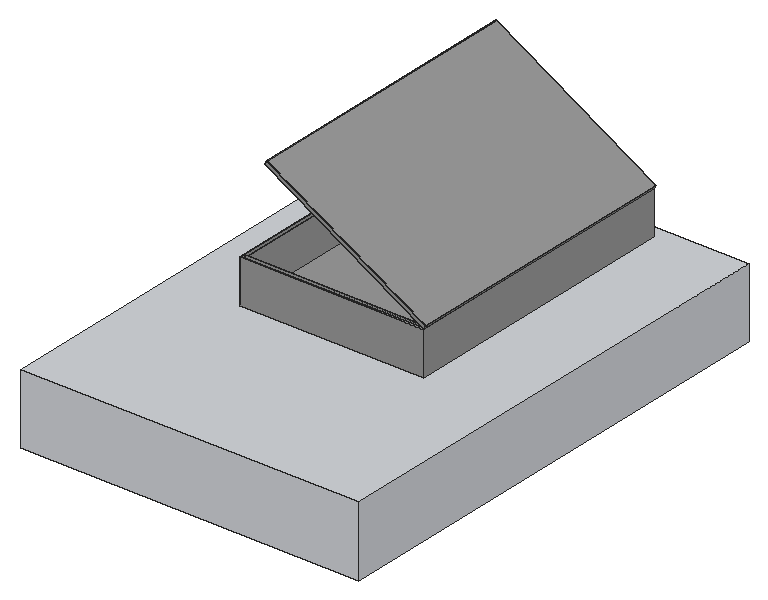
Revit family "Hager-Univers-IP44-D205-H1250-Cl.II-Encl-PL-pl", category Equipement électrique, Revit 2020
Family settings
  Hôte = Face
  Configuration du panneau = Deux colonnes, circuits au sein
  Cote de connecteur circulaire = Utiliser le diamètre
  Type d'élément = Tableau de raccordement
  Couper avec des vides une fois chargée = Non
  Partagée = Non
  Point de calcul de pièce = Non
Parameters (values of type "Montaż natynkowy IP44 S800 W1250 G205  - FP83SN2")
  Width Control [instance] = if([EF000008 - Szerokość] > Min Width, [EF000008 - Szerokość], Min Width)  # 800 mm
  Commentaires du type = [HG000003 - Zakres]  # "Univers"
  Thickness Door [instance] = if([EF009171 - Drzwi/pokrywa z materiału o wysokiej wytrzymałości mechanicznej] > 3 mm, 3 mm, [EF009171 - Drzwi/pokrywa z materiału o wysokiej wytrzymałości mechanicznej])  # 1 mm
  Seal Frame Offset [instance] = 17 mm  # constant formula
  Plinth Visibility [instance] = [HG000027 - Wysokość cokołu] > 0 mm  # no
  Model = ""
  Min Width [instance] = 100 mm  # constant formula
  Min Height [instance] = 100 mm  # constant formula
  Min Depth [instance] = (2 * [EF009170 - Obudowa z materiału o wysokiej wytrzymałości mechanicznej]) + 1 mm  # 3 mm
  Internal Frame Depth [instance] = (Door System Depth * 0.5)  # 9 mm
  Height Control [instance] = if([EF000040 - Wysokość] > Min Height, [EF000040 - Wysokość], Min Height)  # 1250 mm
  HG000027 - Wysokość cokołu = 0 mm
  HG000026 - Stojąca = no
  HG000024 - Wysokość części dolnej = 800 mm
  HG000023 - Obudowa dwusekcyjna = no
  HG000016 - Widoczność drzwi w widoku 3D [instance] = yes
  HG000015 - Przestrzeń robocza - otwarcie drzwi [instance] = no
  HG000014 - Drzwi prawe [instance] = yes
  HG000013 - Drzwi lewe [instance] = not([HG000014 - Drzwi prawe])  # no
  HG000012 - Kąt otwarcia drzwi [instance] = 30.00°
  HG000010 - Drzwi asymetryczne = no
  HG000009 - Drzwi dwuskrzydłowe = no
  HG000006 - Montaż podtynkowy = no
  HG000004 - Referencja producenta = "FP83SN2"
  HG000003 - Zakres = "Univers"
  HG000002 - Z drzwiami lub pokrywą = yes
  Frame Offset Bottom [instance] = 10 mm  # constant formula
  Frame Offset [instance] = 15 mm  # constant formula
  EF015940 - Pokrywa z wyzwalaczem nadciśnieniowym = no
  EF011959 - Stopień ochrony (NEMA) = ""
  EF009554 - Liczba otworów pod flansze = 6
  Fabricant = "Hager"  # constant formula
  EF009212 - Wykonanie pokrywy = "EV000116 - Zamknięty"
  EF009171 - Drzwi/pokrywa z materiału o wysokiej wytrzymałości mechanicznej = 1 mm
  EF009170 - Obudowa z materiału o wysokiej wytrzymałości mechanicznej = 1 mm
  EF008873 - Prąd znamionowy (In) = 250 A
  EF007800 - Do ochrony odgromowej = no
  EF006306 - Z zamkiem = no
  EF006244 - Transparentna pokrywa/drzwi = no
  EF005474 - Stopień ochrony (IP) = "EV006418 - IP44"
  EF004464 - Rodzaj drzwi = "EV002646 - Pojedynczy"
  EF004427 - Liczba modułów = 288
  EF004293 - Odporność udarowa = "EV006815 - IK09"
  EF003532 - Do zastosowań zewnętrznych = no
  EF002950 - Szerokość wyrażona liczbą modułów = 36
  EF001613 - Podtrzymanie funkcji = "EV000494 - Brak"
  EF001596 - Materiał obudowy = "EV000179 - Stal"
  EF001131 - Głębokość wewnętrzna = 130 mm
  EF001088 - Możliwość rozbudowy = yes
  EF000437 - Liczba wejść kablowych = 6
  EF000339 - Rodzaj pokrywy = "EV004216 - Drzwi"
  EF000266 - Liczba rzędów = 8
  EF000218 - Głębokość wbudowania = 205 mm
  EF000118 - Z płytą montażową = no
  EF000116 - Numer RAL = "9010"
  EF000049 - Głębokość = 205 mm
  EF000040 - Wysokość = 1250 mm
  EF000008 - Szerokość = 800 mm
  EF000007 - Kolor = "EV000202 - Biały"
  EF000003 - Sposób montażu = "EV000384 - Montaż natynkowy"
  Door System Leaf Tolerance [instance] = 1.5 mm  # constant formula
  Door System Depth [instance] = 18 mm  # constant formula
  Door Height [instance] = Height Control - [HG000027 - Wysokość cokołu]  # 1250 mm
  Depth Control [instance] = if([EF000049 - Głębokość] > Min Depth, [EF000049 - Głębokość], Min Depth)  # 205 mm
  Default Elevation = 0 mm
  Connector Offset [instance] = Height Control / 2  # 625 mm
  Bottom Top Plate Trim [instance] = 1.5 mm  # constant formula
  Plinth height Ctrl [instance] = if([HG000027 - Wysokość cokołu] > 0 mm, [HG000027 - Wysokość cokołu], 12 mm)  # 12 mm
Types (5, lengths in mm): name | Width Control | HG000010 - Drzwi asymetryczne | HG000009 - Drzwi dwuskrzydłowe | HG000004 - Referencja producenta | EF009554 - Liczba otworów pod flansze | EF004464 - Rodzaj drzwi | EF004427 - Liczba modułów | EF002950 - Szerokość wyrażona liczbą modułów | EF001131 - Głębokość wewnętrzna | EF000437 - Liczba wejść kablowych | EF000339 - Rodzaj pokrywy | EF000008 - Szerokość
  Montaż natynkowy IP44 S1050 W1250 G205  - FP84SN2 | 1050 | no | yes | "FP84SN2" | 8 | "EV003602 - Podwójny" | 384 | 48 | 130 | 8 | "EV004216 - Drzwi" | 1050
  Montaż natynkowy IP44 S1300 W1250 G205  - FP85SN2 | 1300 | yes | yes | "FP85SN2" | 10 | "EV003602 - Podwójny" | 480 | 60 | 130 | 10 | "EV004216 - Drzwi" | 1300
  Montaż natynkowy IP44 S300 W1250 G205  - FP81SN2 | 300 | no | no | "FP81SN2" | 2 | "EV002646 - Pojedynczy" | 96 | 12 | 143 | 2 | "EV001012 - Pokrywa" | 300
  Montaż natynkowy IP44 S550 W1250 G205  - FP82SN2 | 550 | no | no | "FP82SN2" | 4 | "EV002646 - Pojedynczy" | 192 | 24 | 143 | 4 | "EV001012 - Pokrywa" | 550
  Montaż natynkowy IP44 S800 W1250 G205  - FP83SN2 | 800 | no | no | "FP83SN2" | 6 | "EV002646 - Pojedynczy" | 288 | 36 | 130 | 6 | "EV004216 - Drzwi" | 800
Reference planes
  plane 1 "Center (Front/Back)": y = 0
  plane 2: z = 0
  plane 3 "Center (Left/Right)": x = 0
  plane 4: z = 205
  plane 5: y = 1
  plane 6: y = 625
  plane 7: y = 0
  plane 8: y = 1250
  plane 9: z = 0
  plane 10: x = -385
  plane 11: x = 385
  plane 12: x = 384
  plane 13: x = -384
  plane 14: y = 1249
  plane 15: x = -383
  plane 16: x = -400
  plane 17: x = 383
  plane 18: x = 400
  plane 19: x = 399
  plane 20: x = -399
  plane 21: y = 11
  plane 22: y = 1250
  plane 23: y = 1234
  plane 24: z = 187
  plane 25: z = 1
  plane 26: z = 186
  plane 27: z = 204
Forms (mm)
  Extrusion 1, solid
    sketch origin (0, 0, 0) x (1, 0, 0) y (0, 1, 0)
      loop
        line (-702.964, 1305) -> (-702.964, -811.445) -> (766.763, -811.445) -> (766.763, 1305) -> (-702.964, 1305)
    from 0 to -304.8
  Extrusion 2, solid, material "Hager_Steel_RAL7035_Light_Grey", visible <- "Plinth Visibility", detail levels medium+fine
    sketch origin (0, 0, 0) x (1, 0, 0) y (0, 1, 0)
      loop
        line (-400, 0) -> (400, 0) -> (400, 12) -> (-400, 12) -> (-400, 0)
    from 0 to 187
  Extrusion 3, solid, material "Hager_Steel_RAL7035_Light_Grey", detail levels medium+fine
    sketch origin (0, 0, 0) x (1, 0, 0) y (0, 1, 0)
      loop
        line (-400, 0) -> (400, 0) -> (400, 1250) -> (-400, 1250) -> (-400, 0)
    from 0 to 187
  Extrusion 4, void
    sketch origin (0, 0, 0) x (1, 0, 0) y (0, 1, 0)
      loop
        line (-399, 1) -> (399, 1) -> (399, 1249) -> (-399, 1249) -> (-399, 1)
    from 1 to 186
  Extrusion 5, void
    sketch origin (-381.607, -4572, 187) x (0, -1, 0) y (-1, 0, 0)
      loop
        line (-4583, 2.393) -> (-5806, 2.393) -> (-5806, -765.607) -> (-4583, -765.607) -> (-4583, 2.393)
    from 0 to 1 <- "EF009170 - Obudowa z materiału o wysokiej wytrzymałości mechanicznej"
  Extrusion 6, solid, material "Hager_Steel_RAL7035_Light_Grey", detail levels fine
    sketch origin (0, 0, 187) x (1, 0, 0) y (0, 1, 0)
      loop
        line (-384, 1234) -> (-384, 11) -> (384, 11) -> (384, 1234) -> (-384, 1234)
      loop
        line (-385, 10) -> (385, 10) -> (385, 1235) -> (-385, 1235) -> (-385, 10)
    from 0 to 9 <- "Internal Frame Depth"
  Extrusion 7, solid, material "Hager_Steel_RAL7035_Light_Grey", detail levels coarse
    sketch origin (0, 0, 0) x (1, 0, 0) y (0, 1, 0)
      loop
        line (-400, 0) -> (400, 0) -> (400, 1250) -> (-400, 1250) -> (-400, 0)
    from 0 to 205
  Sweep 8, void
    path in 3D
      loop
        line (-400, 12, 0) -> (400, 12, 0) -> (400, 12, 187) -> (-400, 12, 187) -> (-400, 12, 0)
    profile origin (-400, 12, 93.5) x (-1, 0, 0) y (0, -1, 0)
      loop
        line (0, 0) -> (0, 1.5) -> (-1.5, 1.5)
        arc (-1.5, 1.5) -> (-1.061, 0.439) -> (0, 0) r 1.5
Cuts and joins
  Extrusion 4, Extrusion 5 cuts Extrusion 3
  Sweep 8 cuts Extrusion 2
Lines and regions (mm)
  Masking region 1
    outline origin (0, 0, 0) x (1, 0, 0) y (0, 0, 1)
      loop
        line (-400, 205) -> (-400, 0) -> (400, 0) -> (400, 205) -> (-400, 205)
  Masking region 2, detail levels medium+fine
    outline origin (0, 140, 0) x (0, 1, 0) y (0, 0, 1)
      loop
        line (-140, 0) -> (1110, 0) -> (1110, 187) -> (-140, 187) -> (-140, 0)
  Masking region 3, not visible, detail levels medium+fine
    outline origin (0, 297.922, 0) x (0, 1, 0) y (0, 0, 1)
      loop
        line (338.578, 0) -> (378.578, 0) -> (378.578, 194)
        arc (378.578, 194) -> (375.649, 201.071) -> (368.578, 204) r 10
        line (368.578, 204) -> (338.578, 204) -> (338.578, 0)
  Masking region 4, detail levels coarse
    outline origin (0, 0, 180) x (0, 1, 0) y (0, 0, 1)
      loop
        line (0, -180) -> (1250, -180) -> (1250, 25) -> (0, 25) -> (0, -180)
  Masking region 5, visible <- "Plinth Visibility", detail levels medium+fine
    outline origin (0, 52.24, 12.345) x (0, 0, -1) y (0, 1, 0)
      loop
        line (10.845, -40.24) -> (-173.155, -40.24)
        arc (-173.155, -40.24) -> (-173.594, -41.301) -> (-174.655, -41.74) r 1.5
        line (-174.655, -41.74) -> (-174.655, -52.24) -> (12.345, -52.24) -> (12.345, -41.74)
        arc (12.345, -41.74) -> (11.285, -41.301) -> (10.845, -40.24) r 1.5
  Masking region 6, detail levels medium+fine
    outline origin (-381.607, -4572, 187) x (-1, 0, 0) y (0, -1, 0)
      loop
        line (18.393, -5822) -> (18.393, -4572) -> (-781.607, -4572) -> (-781.607, -5822) -> (18.393, -5822)
  Masking region 7, visible <- "Plinth Visibility", detail levels medium+fine
    outline origin (-381.607, -4727, 187) x (-1, 0, 0) y (0, -1, 0)
      loop
        arc (16.893, -4739) -> (17.332, -4737.939) -> (18.393, -4737.5) r 1.5
        line (18.393, -4737.5) -> (18.393, -4727) -> (-781.607, -4727) -> (-781.607, -4737.5)
        arc (-781.607, -4737.5) -> (-780.546, -4737.939) -> (-780.107, -4739) r 1.5
        line (-780.107, -4739) -> (16.893, -4739)
  Masking region 8, detail levels coarse
    outline origin (-442.548, -4669.526, 187) x (-1, 0, 0) y (0, -1, 0)
      loop
        line (-42.548, -5919.526) -> (-42.548, -4669.526) -> (-842.548, -4669.526) -> (-842.548, -5919.526) -> (-42.548, -5919.526)
  sketch lines
    curve 1: line (-400, 12, 187) -> (-400, 12, 0)
    curve 2: line (400, 12, 187) -> (-400, 12, 187)
    curve 3: line (400, 12, 187) -> (400, 12, 0)
    curve 4: line (-400, 12, 0) -> (400, 12, 0)
Dimensions and locks
  "Depth Control": plane 4 to Extrusion 1
  "HG000027 - Wysokość cokołu": plane 1 "Center (Front/Back)" to plane 7
  "EF009170 - Obudowa z materiału o wysokiej wytrzymałości mechanicznej": plane 5 to plane 7
  locked: connector elem to plane 3 "Center (Left/Right)"
  equal spacing: plane 8, plane 6, plane 7
  locked: connector elem to plane 6
  "EF009170 - Obudowa z materiału o wysokiej wytrzymałości mechanicznej": plane 8 to plane 14
  "EF009170 - Obudowa z materiału o wysokiej wytrzymałości mechanicznej": plane 10 to plane 13
  "EF009170 - Obudowa z materiału o wysokiej wytrzymałości mechanicznej": plane 12 to plane 11
  "Frame Offset": plane 20 to plane 13
  "Frame Offset": plane 12 to plane 19
  "EF009170 - Obudowa z materiału o wysokiej wytrzymałości mechanicznej": plane 16 to plane 20
  "EF009170 - Obudowa z materiału o wysokiej wytrzymałości mechanicznej": plane 19 to plane 18
  "Seal Frame Offset": plane 16 to plane 15
  "Seal Frame Offset": plane 17 to plane 18
  "Frame Offset Bottom": plane 21 to plane 5
  "Frame Offset": plane 14 to plane 23
  equal spacing: plane 16, plane 3 "Center (Left/Right)", plane 18
  "Width Control": plane 16 to plane 18
  "EF009170 - Obudowa z materiału o wysokiej wytrzymałości mechanicznej": plane 4 to plane 27
  "EF009170 - Obudowa z materiału o wysokiej wytrzymałości mechanicznej": plane 24 to plane 26
  "EF009170 - Obudowa z materiału o wysokiej wytrzymałości mechanicznej": plane 25 to level
  "Door System Depth": plane 4 to plane 24
  "Height Control": plane 1 "Center (Front/Back)" to Extrusion 7 sketch curve
  "Height Control": Masking region 4 sketch curve to plane 1 "Center (Front/Back)"
  "Height Control": plane 1 "Center (Front/Back)" to plane 22
  "Bottom Top Plate Trim": profile plane to Sweep 8 sketch curve
  "Bottom Top Plate Trim": Sweep 8 sketch curve to profile plane
  "Plinth height Ctrl": plane 1 "Center (Front/Back)" to Extrusion 2 sketch curve
  "Plinth height Ctrl": Masking region 5 sketch curve to plane 1 "Center (Front/Back)"
  "Plinth height Ctrl": plane 1 "Center (Front/Back)" to Masking region 7 sketch curve
  "Thickness Door": Extrusion 6 sketch curve to Extrusion 6 sketch curve  (x3)
  "Thickness Door": cut or joined group of Extrusion 3, Extrusion 4, Extrusion 5 to Extrusion 6 sketch curve
  radius of Masking region 3 sketch curve = 10 mm
  "Bottom Top Plate Trim": radius of Masking region 5 sketch curve  (x2)
  "Bottom Top Plate Trim": radius of Sweep 8 sketch curve
  "Bottom Top Plate Trim": radius of Masking region 7 sketch curve  (x2)
  aligned and locked: plane 2 to Extrusion 1
  aligned and locked: level to Extrusion 1
  aligned and locked: level to Masking region 1 sketch curve
  aligned and locked: Masking region 1 sketch curve to plane 18
  aligned and locked: Masking region 1 sketch curve to plane 16
  aligned and locked: plane 7 to Masking region 2 sketch curve
  aligned and locked: level to Masking region 3 sketch curve
  aligned and locked: Masking region 3 sketch curve to plane 27
  aligned and locked: level to Masking region 2 sketch curve
  aligned and locked: plane 1 "Center (Front/Back)" to Extrusion 2 sketch curve
  aligned and locked: Extrusion 3 sketch curve to plane 7
  aligned and locked: plane 16 to Extrusion 3 sketch curve
  aligned and locked: plane 18 to Extrusion 3 sketch curve
  aligned and locked: plane 20 to Extrusion 4 sketch curve
  aligned and locked: plane 19 to Extrusion 4 sketch curve
  aligned and locked: Extrusion 4 sketch curve to plane 5
  aligned and locked: Extrusion 4 to plane 25
  aligned and locked: plane 26 to Extrusion 4
  aligned and locked: plane 24 to Extrusion 3
  aligned and locked: Extrusion 5 sketch curve to plane 21
  aligned and locked: Extrusion 5 sketch curve to plane 13
  aligned and locked: Extrusion 5 sketch curve to plane 12
  aligned and locked: plane 18 to Extrusion 7 sketch curve
  aligned and locked: plane 1 "Center (Front/Back)" to Extrusion 7 sketch curve
  aligned and locked: plane 16 to Extrusion 7 sketch curve
  aligned and locked: plane 4 to Extrusion 7
  aligned and locked: Extrusion 7 to level
  aligned and locked: level to Masking region 4 sketch curve
  aligned and locked: Masking region 4 sketch curve to plane 1 "Center (Front/Back)"
  aligned and locked: Masking region 4 sketch curve to plane 4
  aligned and locked: nested 1 to level
  aligned and locked: nested 1 to plane 16
  aligned and locked: plane 8 to Extrusion 3 sketch curve
  aligned and locked: plane 23 to Extrusion 5 sketch curve
  aligned and locked: plane 14 to Extrusion 4 sketch curve
  aligned and locked: Masking region 2 sketch curve to plane 8
  aligned and locked: level to Masking region 5 sketch curve
  aligned and locked: plane 16 to Extrusion 2 sketch curve
  aligned and locked: plane 18 to Extrusion 2 sketch curve
  aligned and locked: Masking region 5 sketch curve to plane 24
  aligned and locked: Masking region 2 sketch curve to plane 24
  aligned and locked: plane 24 to Extrusion 2
  aligned and locked: profile plane to Sweep 8 sketch curve  (x2)
  aligned and locked: Masking region 6 sketch curve to plane 18
  aligned and locked: Masking region 6 sketch curve to plane 22
  aligned and locked: Masking region 6 sketch curve to plane 16
  aligned and locked: plane 8 to plane 22
  aligned and locked: Masking region 6 sketch curve to plane 7
  aligned and locked: Masking region 7 sketch curve to plane 16
  aligned and locked: Masking region 7 sketch curve to plane 1 "Center (Front/Back)"
  aligned and locked: Masking region 7 sketch curve to plane 18
  aligned and locked: Masking region 8 sketch curve to plane 1 "Center (Front/Back)"
  aligned and locked: Masking region 8 sketch curve to plane 18
  aligned and locked: Masking region 8 sketch curve to plane 22
  aligned and locked: Masking region 8 sketch curve to plane 16
  aligned and locked: nested 2 to plane 7
  aligned and locked: plane 3 "Center (Left/Right)" to nested 2
  aligned and locked: nested 2 to plane 24
  aligned and locked: Extrusion 6 sketch curve to cut or joined group of Extrusion 3, Extrusion 4, Extrusion 5  (x4)
Automatic sketch dimensions
  Extrusion 1 sketch curve to Extrusion 1 sketch curve = 1469.727 mm
  Extrusion 1 sketch curve to Extrusion 1 sketch curve = 2116.445 mm
  Masking region 1 sketch curve to plane 4 = 0 mm
  plane 6 to Masking region 3 sketch curve = 11.5 mm
  Masking region 3 sketch curve to Masking region 3 sketch curve = 30 mm
  Masking region 5 sketch curve to plane 1 "Center (Front/Back)" = 0 mm
Nested families
  nested 1: "Hager_Enclosure_Symbol" at (-400, 0, 0) x (1, 0, 0) z (0, -1, 0), Height <- "Depth Control", Width <- "Width Control", type "Hager_Enclosure_Symbol"
    with Width_Ctrl 800 mm, Width 800 mm, Height_Ctrl 205 mm, Height 205 mm, A_Width_Int 13.453 mm, A_Width 161.438 mm, A_Height_Ctrl 179.375 mm, A_Height 179.375 mm
  nested 2: "EC000058_Univers_Door" at (0, 0, 187) x (1, 0, 0) z (0, 1, 0), Leaf_Tolerance <- "Door System Leaf Tolerance", Angle <- "HG000012 - Kąt otwarcia drzwi", Door_Depth <- "Door System Depth", Door_Left <- "HG000013 - Drzwi lewe", Transparent <- "EF006244 - Transparentna pokrywa/drzwi", Assymetrical <- "HG000010 - Drzwi asymetryczne", Width <- "Width Control", Clearance <- "HG000015 - Przestrzeń robocza - otwarcie drzwi", Double <- "HG000009 - Drzwi dwuskrzydłowe", 3d_Door <- "HG000016 - Widoczność drzwi w widoku 3D", Lock_Visibility <- "EF006306 - Z zamkiem", Width_Ctrl <- "Width Control", Door_Right <- "HG000014 - Drzwi prawe", Door <- "HG000002 - Z drzwiami lub pokrywą", Height <- "Door Height", Thickness <- "Thickness Door", type "EC000058_Univers_Door", detail levels medium+fine
    with min_wh 3 mm, Width_Ctrl 800 mm, Width 800 mm, Transparent no, Thickness 1 mm, Seal_Material Hager_Rubber, Lock_Visibility no, Lock_Material Hager_Plastic_RAL9005_Jet_Black, Leaf_Width 800 mm, Leaf_Tolerance_External_Sides 0 mm, Leaf_Tolerance 1.5 mm, Leaf_Offset 0 mm, Leaf_Height 1247 mm, Leaf_2_Width 800 mm, Leaf_2_Offset 400 mm, Leaf_1_Width 800 mm, Leaf_1_Offset 400 mm, Height_Ctrl 1250 mm, Height 1250 mm, Glass_Material Hager_Glass, Double_Clearance_Ctrl no, Double no, Door_Right_Ctrl yes, Door_Right yes, Door_Material Hager_Steel_RAL7035_Light_Grey, Door_Left_Ctrl no, Door_Left no, Door_Depth 18 mm, Door yes, Clearance_Material Hager_Clearance, Clearance_Depth 800 mm, Clearance_Ctrl no, Clearance no, Assymetrical no, Angle 30.00°, 3d_Door yes
Connectors
  electrical at (0, 625, 0)
    settings: on plane 9, index 1, voltage 0 V, apparent load 0 VA, apparent load phase1 0 VA, apparent load phase2 0 VA, apparent load phase3 0 VA, power factor 1, load classification "Other", number of poles 1, system type 30, power factor state 1, is connector primary yes, connector utility no, sub classification motor no, connector description ""
Definition of nested family "EC000058_Univers_Door"
  Parameters (values of type "EC000058_Univers_Door")
    min_wh [instance] = (2 * Thickness) + 1 mm  # 11 mm
    Width_Ctrl [instance] = 400 mm
    Width [instance] = 500 mm
    Transparent [instance] = yes
    Thickness [instance] = 5 mm
    Seal_Material [instance] = none
    Lock_Visibility [instance] = yes
    Lock_Material [instance] = none
    Leaf_Width [instance] = if((Width_Ctrl - 2 * Leaf_Tolerance_External_Sides) > 0 mm, (Width_Ctrl - 2 * Leaf_Tolerance_External_Sides), min_wh)  # 400 mm
    Leaf_Tolerance_External_Sides [instance] = 0 mm  # constant formula
    Leaf_Tolerance [instance] = 1.5 mm
    Leaf_Offset [instance] = 0 mm  # constant formula
    Leaf_Height [instance] = if((Height_Ctrl - 2 * Leaf_Tolerance) > 0 mm, (Height_Ctrl - 2 * Leaf_Tolerance), min_wh)  # 497 mm
    Leaf_2_Width [instance] = if(and(and(Double, Assymetrical), Door_Left), (Leaf_Width / 3) - (Leaf_Tolerance / 2), if(and(and(Double, Assymetrical), Door_Right), (Leaf_Width / 3) * 2 - (Leaf_Tolerance / 2), if(and(Double, not(Assymetrical)), (Leaf_Width / 2) - Leaf_Tolerance, Leaf_Width)))  # 400 mm
    Leaf_2_Offset [instance] = if(and(Double, Assymetrical), Leaf_2_Width / 2, if(and(Double, not(Assymetrical)), Leaf_Width / 4, Leaf_Width / 2))  # 200 mm
    Leaf_1_Width [instance] = if(and(and(Double, Assymetrical), Door_Right), (Leaf_Width / 3) - (Leaf_Tolerance / 2), if(and(and(Double, Assymetrical), Door_Left), (Width / 3) * 2 - (Leaf_Tolerance / 2), if(and(Double, not(Assymetrical)), (Leaf_Width / 2) - Leaf_Tolerance, Leaf_Width)))  # 400 mm
    Leaf_1_Offset [instance] = if(and(Double, Assymetrical), Leaf_1_Width / 2, if(and(Double, not(Assymetrical)), Leaf_Width / 4, Leaf_Width / 2))  # 200 mm
    Height_Ctrl [instance] = if(Height > min_wh, Height, min_wh)  # 500 mm
    Height [instance] = 500 mm
    Glass_Material [instance] = none
    Double_Clearance_Ctrl [instance] = and(Double, Clearance)  # no
    Double [instance] = no
    Door_Right_Ctrl [instance] = and(or(Door_Right, Double), Door)  # yes
    Door_Right [instance] = yes
    Door_Material [instance] = none
    Door_Left_Ctrl [instance] = and(or(Door_Left, Double), Door)  # no
    Door_Left [instance] = no
    Door_Depth [instance] = 30 mm
    Door [instance] = yes
    Default Elevation = 1219.2 mm
    Clearance_Material [instance] = none
    Clearance_Depth [instance] = if(Leaf_1_Width > Leaf_2_Width, Leaf_1_Width, Leaf_2_Width)  # 400 mm
    Clearance_Ctrl [instance] = and(not(Double), Clearance)  # yes
    Clearance [instance] = yes
    Assymetrical [instance] = yes
    Angle [instance] = 30.00°
    3d_Door [instance] = yes
  Reference planes
    plane 1 "Center (Front/Back)": y = 0
    plane 2 "Bottom": z = 0
    plane 3 "Center (Left/Right)": x = 0
    plane 4: z = 500
    plane 5: x = -200
    plane 6: x = 200
    plane 7: z = 500
    plane 8: x = -200
    plane 9: z = 0
    plane 10: x = 200
    plane 11: y = 0
    plane 12: z = 1.5
    plane 13: x = -600
    plane 14: y = -400
    plane 15: x = 600
    plane 16: x = 0
    plane 17: x = 0
    plane 18: x = -200
    plane 19: x = 200
    plane 20: z = 498.5
  Forms (mm)
    Extrusion 1, solid, material <- "Clearance_Material", visible <- "Double_Clearance_Ctrl"
      sketch origin (1200, 0, 0) x (1, 0, 0) y (0, 0, -1)
        loop
          line (-1800, -498.5) -> (-600, -498.5) -> (-600, 0) -> (-1800, 0) -> (-1800, -498.5)
      from 0 to -400
  Dimensions and locks
    equal spacing: plane 5, plane 3 "Center (Left/Right)", plane 6
    "Width_Ctrl": plane 5 to plane 6
    "Leaf_Offset": plane 5 to plane 8
    "Leaf_Offset": plane 6 to plane 10
    "Leaf_Offset": plane 9 to level
    "Leaf_Offset": plane 4 to plane 7
    "Height_Ctrl": plane 4 to level
    "Leaf_Tolerance": plane 12 to plane 9
    locked: plane 11 to plane 1 "Center (Front/Back)"
    "Leaf_1_Offset": plane 18 to plane 16
    "Leaf_2_Offset": plane 17 to plane 19
    "Leaf_1_Width": plane 13 to plane 8
    "Leaf_2_Width": plane 10 to plane 15
    "Clearance_Depth": plane 14 to plane 1 "Center (Front/Back)"
    "Leaf_Tolerance_External_Sides": plane 8 to plane 18
    "Leaf_Tolerance_External_Sides": plane 19 to plane 10
    "Leaf_Tolerance": plane 7 to plane 20
    aligned and locked: level to plane 2 "Bottom"
    aligned and locked: nested 1 to plane 16
    aligned and locked: nested 2 to plane 17
    aligned and locked: Extrusion 1 to plane 13
    aligned and locked: plane 15 to Extrusion 1
    aligned and locked: Extrusion 1 to plane 14
    aligned and locked: plane 12 to nested 1
    aligned and locked: nested 2 to plane 12
    aligned and locked: Extrusion 1 to plane 11
    aligned and locked: plane 20 to Extrusion 1
    aligned and locked: nested 2 to plane 11
    aligned and locked: nested 1 to plane 11
  Automatic sketch dimensions
    Extrusion 1 sketch curve to level = 0 mm
    plane 5 to Extrusion 1 sketch curve = 400 mm
    plane 6 to Extrusion 1 sketch curve = 400 mm
    Extrusion 1 sketch curve to plane 4 = 1.5 mm
  Nested families
    nested 1: "EC000058_Univers_Door_Leaf" at (0, 0, 1.5), Width <- "Leaf_1_Width", visible <- "Door_Left_Ctrl", Leaf_Height <- "Leaf_Height", Angle <- "Angle", 3d_Door <- "3d_Door", Transparent <- "Transparent", Clearance Material <- "Clearance_Material", Clearance <- "Clearance_Ctrl", Door_Material <- "Door_Material", Glass_Material <- "Glass_Material", Door_Depth <- "Door_Depth", Lock_Material <- "Lock_Material", Seal_Material <- "Seal_Material", Lock_Visibility <- "Lock_Visibility", Thickness <- "Thickness", type "EC000058_Univers_Door_Leaf"
      with Width 400 mm, Transparent_Glass_Offset 30 mm, Transparent_Ctrl yes, Transparent yes, Thickness 5 mm, Standard no, Seal_Material none, Seal_D2 8 mm, Seal_D1 1 mm, Offset_Internal_Frame 10 mm, Lock_Width 20 mm, Lock_Visibility_3d yes, Lock_Visibility yes, Lock_Thickness_3 3 mm, Lock_Thickness_2 1 mm, Lock_Thickness_1 3 mm, Lock_Radius_Offset_2 16 mm, Lock_Radius_Offset_1 15 mm, Lock_Radius_2 5 mm, Lock_Radius 6 mm, Lock_Offset 5 mm, Lock_Material none, Lock_Height 80 mm, Lock_Cover_Top_Offset_2d 17 mm, Lock_Cover_Height -65 mm, Leaf_Height 497 mm, Internal_Seal_Thickness 8 mm, Internal_Seal_Depth_2 4.5 mm, Internal_Frame_Depth 25 mm, Glass_Thickness -1 mm, Glass_Offset -2 mm, Glass_Material none, Door_Material none, Door_Depth 30 mm, Clearance Material none, Clearance yes, Angle_Ctrl 30.00°, Angle 30.00°, 3d_Door yes
    nested 2: "EC000058_Univers_Door_Leaf" at (0, 0, 1.5) x (-1, 0, 0) z (0, 0, 1), Width <- "Leaf_2_Width", visible <- "Door_Right_Ctrl", Leaf_Height <- "Leaf_Height", Angle <- "Angle", 3d_Door <- "3d_Door", Transparent <- "Transparent", Clearance Material <- "Clearance_Material", Clearance <- "Clearance_Ctrl", Door_Material <- "Door_Material", Glass_Material <- "Glass_Material", Door_Depth <- "Door_Depth", Lock_Material <- "Lock_Material", Seal_Material <- "Seal_Material", Lock_Visibility <- "Lock_Visibility", Thickness <- "Thickness", type "EC000058_Univers_Door_Leaf"
      with Width 400 mm, Transparent_Glass_Offset 30 mm, Transparent_Ctrl yes, Transparent yes, Thickness 5 mm, Standard no, Seal_Material none, Seal_D2 8 mm, Seal_D1 1 mm, Offset_Internal_Frame 10 mm, Lock_Width 20 mm, Lock_Visibility_3d yes, Lock_Visibility yes, Lock_Thickness_3 3 mm, Lock_Thickness_2 1 mm, Lock_Thickness_1 3 mm, Lock_Radius_Offset_2 16 mm, Lock_Radius_Offset_1 15 mm, Lock_Radius_2 5 mm, Lock_Radius 6 mm, Lock_Offset 5 mm, Lock_Material none, Lock_Height 80 mm, Lock_Cover_Top_Offset_2d 17 mm, Lock_Cover_Height -65 mm, Leaf_Height 497 mm, Internal_Seal_Thickness 8 mm, Internal_Seal_Depth_2 4.5 mm, Internal_Frame_Depth 25 mm, Glass_Thickness -1 mm, Glass_Offset -2 mm, Glass_Material none, Door_Material none, Door_Depth 30 mm, Clearance Material none, Clearance yes, Angle_Ctrl 30.00°, Angle 30.00°, 3d_Door yes
  Definition of nested family "EC000058_Univers_Door_Leaf"
    Parameters (values of type "EC000058_Univers_Door_Leaf")
      Width [instance] = 2000 mm
      Transparent_Glass_Offset [instance] = 30 mm
      Transparent_Ctrl [instance] = and(Transparent, [3d_Door])  # yes
      Transparent [instance] = yes
      Thickness [instance] = 5 mm
      Standard [instance] = and(not(Transparent), [3d_Door])  # no
      Seal_Material [instance] = none
      Seal_D2 [instance] = 8 mm  # constant formula
      Seal_D1 [instance] = 1 mm  # constant formula
      Offset_Internal_Frame [instance] = 10 mm  # constant formula
      Lock_Width [instance] = 20 mm  # constant formula
      Lock_Visibility_3d [instance] = and(Lock_Visibility, [3d_Door])  # yes
      Lock_Visibility [instance] = yes
      Lock_Thickness_3 [instance] = 3 mm  # constant formula
      Lock_Thickness_2 [instance] = 1 mm  # constant formula
      Lock_Thickness_1 [instance] = 3 mm  # constant formula
      Lock_Radius_Offset_2 [instance] = Lock_Radius_Offset_1 + 1 mm  # 16 mm
      Lock_Radius_Offset_1 [instance] = 15 mm  # constant formula
      Lock_Radius_2 [instance] = Lock_Radius - 1 mm  # 5 mm
      Lock_Radius [instance] = 6 mm  # constant formula
      Lock_Offset [instance] = 5 mm  # constant formula
      Lock_Material [instance] = none
      Lock_Height [instance] = 80 mm  # constant formula
      Lock_Cover_Top_Offset_2d [instance] = Lock_Radius_Offset_2 + 1 mm  # 17 mm
      Lock_Cover_Height [instance] = -(Lock_Height - Lock_Radius_Offset_1)  # -65 mm
      Leaf_Height [instance] = 2720.336 mm
      Internal_Seal_Thickness [instance] = 8 mm  # constant formula
      Internal_Seal_Depth_2 [instance] = 4.5 mm  # constant formula
      Internal_Frame_Depth [instance] = if(Door_Depth - Thickness > 5 mm, Door_Depth - Thickness, 5 mm)  # 25 mm
      Glass_Thickness [instance] = if(Thickness > 15 mm, Glass_Offset + 10 mm, -1 mm)  # -1 mm
      Glass_Offset [instance] = if(Thickness > 15 mm, -(Thickness + 10 mm) / 2, -2 mm)  # -2 mm
      Glass_Material [instance] = none
      Door_Material [instance] = none
      Door_Depth [instance] = 30 mm
      Default Elevation = 0 mm
      Clearance Material [instance] = none
      Clearance [instance] = yes
      Angle_Ctrl [instance] = if(Angle > 180.00°, 180.00°, Angle)  # 90.00°
      Angle [instance] = 90.00°
      3d_Door [instance] = yes
    Reference planes
      plane 1 "Center (Front/Back)": y = 0
      plane 2: z = 0
      plane 3 "Center (Left/Right)": x = 0
      plane 4: y = 2000
      plane 5: x = -1000
      plane 6: x = 1000
      plane 7: x = -3000
      plane 8: z = 2720.336
      plane 9: z = 30
      plane 10: z = 2690.336
      plane 11: x = 970
      plane 12: x = -970
      plane 13: y = -3
      plane 14: z = 107.833
      plane 15: y = -5
      plane 16: y = -223.314
      plane 17: x = -1000
      plane 18: z = 1360.168
      plane 19: y = 30
    Forms (mm)
      Extrusion 1, solid, material <- "Clearance Material", visible <- "Clearance"
        sketch origin (0, 0, 0) x (1, 0, 0) y (0, 0, 1)
          loop
            line (-3000, 2720.336) -> (-3000, 0) -> (1000, 0) -> (1000, 2720.336) -> (-3000, 2720.336)
        from 0 to -2000
      Extrusion 2, solid, material <- "Door_Material", visible <- "Standard", detail levels medium+fine
        sketch origin (-1000, 0, 0) x (0, 1, 0) y (-1, 0, 0)
          loop
            line (0, 30) -> (0, 25) -> (2000, 25) -> (2000, 30) -> (0, 30)
        from 0 to 2720.336 <- "Leaf_Height"
      Extrusion 3, solid, material <- "Door_Material", visible <- "Transparent_Ctrl", detail levels medium+fine
        sketch origin (-1000, 0, 0) x (0, 1, 0) y (-1, 0, 0)
          loop
            line (0, 25) -> (2000, 25) -> (2000, 30) -> (0, 30) -> (0, 25)
        from 0 to 2720.336 <- "Leaf_Height"
      Extrusion 4, void
        sketch origin (-1025, 2000, 0) x (0, 1, 0) y (0, 0, -1)
          loop
            line (-30, -2690.336) -> (-30, -30) -> (-1970, -30) -> (-1970, -2690.336) -> (-30, -2690.336)
        from 0 to 5 <- "Thickness"
      Sweep 5, solid, material <- "Seal_Material", visible <- "Transparent_Ctrl", detail levels fine
        path in 3D
          loop
            line (-1025, 30, 30) -> (-1025, 30, 2690.336) -> (-1025, 1970, 2690.336) -> (-1025, 1970, 30) -> (-1025, 30, 30)
        profile origin (-1025, 1000, 30) x (1, 0, 0) y (0, 0, 1)
          loop
            line (0, 0) -> (0, -8) -> (1, -8) -> (1, 0) -> (0, 0)
      Extrusion 6, solid, material <- "Glass_Material", visible <- "Transparent_Ctrl", detail levels medium+fine
        sketch origin (-1030, 0, 0) x (0, 1, 0) y (0, 0, -1)
          loop
            line (1970, -2690.336) -> (1970, -30) -> (30, -30) -> (30, -2690.336) -> (1970, -2690.336)
        from -2 <- "Glass_Offset" to -1 <- "Glass_Thickness"
      Extrusion 7, solid, material <- "Door_Material", visible <- "3d_Door", detail levels medium+fine
        sketch origin (-1025, 2000, 0) x (0, -1, 0) y (0, 0, -1)
          loop
            line (0, -2720.336) -> (2000, -2720.336) -> (2000, 0) -> (0, 0) -> (0, -2720.336)
          loop
            line (1995, -5) -> (5, -5) -> (5, -2715.336) -> (1995, -2715.336) -> (1995, -5)
        from 0 to 25 <- "Internal_Frame_Depth"
      Sweep 8, solid, material <- "Seal_Material", visible <- "Transparent_Ctrl", detail levels fine
        path in 3D
          loop
            line (-1025, 0, 0) -> (-1025, 2000, 0) -> (-1025, 2000, 2720.336) -> (-1025, 0, 2720.336) -> (-1025, 0, 0)
        profile origin (-1025, 0, 1360.168) x (1, 0, 0) y (0, 1, 0)
          loop
            line (0, 10) -> (2.975, 10)
            arc (2.975, 10) -> (4.053, 10.447) -> (4.5, 11.525) r 1.525
            line (4.5, 11.525) -> (4.5, 16.527)
            arc (4.5, 16.527) -> (4.069, 17.569) -> (3.027, 18) r 1.473
            line (3.027, 18) -> (0, 18) -> (0, 10)
      Extrusion 9, solid, material <- "Lock_Material", visible <- "Lock_Visibility_3d", detail levels fine
        sketch origin (-1030, 0, 0) x (0, 1, 0) y (0, 0, -1)
          loop
            arc (1993.5, -1400.168) -> (1994.561, -1399.729) -> (1995, -1398.668) r 1.5
            line (1995, -1398.668) -> (1995, -1320.168) -> (1975, -1320.168) -> (1975, -1398.668)
            arc (1975, -1398.668) -> (1975.439, -1399.729) -> (1976.5, -1400.168) r 1.5
            line (1976.5, -1400.168) -> (1993.5, -1400.168)
        from 3 <- "Lock_Thickness_1" to 0
      Blend 10, solid, material <- "Lock_Material", visible <- "Lock_Visibility_3d", detail levels fine
        base sketch origin (-1033, 0, 0) x (0, 1, 0) y (0, 0, -1)
          loop
            line (1975, -1320.168) -> (1975, -1398.668)
            arc (1975, -1398.668) -> (1975.439, -1399.729) -> (1976.5, -1400.168) r 1.5
            line (1976.5, -1400.168) -> (1993.5, -1400.168)
            arc (1993.5, -1400.168) -> (1994.561, -1399.729) -> (1995, -1398.668) r 1.5
            line (1995, -1398.668) -> (1995, -1320.168) -> (1975, -1320.168)
        top sketch origin (-1033, 0, 0) x (0, 1, 0) y (0, 0, -1)
          loop
            line (1976, -1320.168) -> (1976, -1398.668)
            arc (1976, -1398.668) -> (1976.146, -1399.022) -> (1976.5, -1399.168) r 0.5
            line (1976.5, -1399.168) -> (1993.5, -1399.168)
            arc (1993.5, -1399.168) -> (1993.854, -1399.022) -> (1994, -1398.668) r 0.5
            line (1994, -1398.668) -> (1994, -1320.168) -> (1976, -1320.168)
        from 0 to 1 <- "Lock_Thickness_2"
      Blend 11, solid, material <- "Lock_Material", visible <- "Lock_Visibility_3d", detail levels fine
        base sketch origin (-1034, 0, 0) x (0, 1, 0) y (0, 0, -1)
          loop
            line (1978, -1320.168) -> (1978, -1384.168)
            arc (1978, -1384.168) -> (1985, -1391.168) -> (1992, -1384.168) r 7
            line (1992, -1384.168) -> (1992, -1320.168) -> (1978, -1320.168)
        top sketch origin (-1034, 0, 0) x (0, 1, 0) y (0, 0, -1)
          loop
            line (1991, -1320.168) -> (1979, -1320.168) -> (1979, -1383.168)
            arc (1979, -1383.168) -> (1985, -1389.168) -> (1991, -1383.168) r 6
            line (1991, -1383.168) -> (1991, -1320.168)
        from 0 to 3 <- "Lock_Thickness_3"
      Extrusion 12, solid, material <- "Lock_Material", visible <- "Lock_Visibility_3d", detail levels fine
        sketch origin (-1030, 1975, 1320.168) x (1, 0, 0) y (0, -1, 0)
          loop
            line (-7, -19) -> (-7, -1) -> (0, -1) -> (0, 0) -> (-8, 0) -> (-8, -20) -> (0, -20) -> (0, -19) -> (-7, -19)
        from 0 to -65 <- "Lock_Cover_Height"
      Extrusion 13, void
        sketch origin (-1038, 1995, 1320.168) x (-1, 0, 0) y (0, 0, -1)
          loop
            line (-5, -65) -> (0, -65) -> (-5, -60) -> (-5, -65)
        from 0 to 20 <- "Lock_Width"
      Extrusion 14, void
        sketch origin (-1038, 1975, 1320.168) x (0, -1, 0) y (0, 0, -1)
          loop
            circle (-10, -15.995) r 6
          loop
            circle (-10, -15.995) r 5
        from 0 to 2
      Extrusion 15, solid, material <- "Lock_Material", visible <- "Lock_Visibility_3d", detail levels medium
        sketch origin (-1030, 0, 0) x (0, 1, 0) y (0, 0, -1)
          loop
            arc (1993.5, -1400.168) -> (1994.561, -1399.729) -> (1995, -1398.668) r 1.5
            line (1995, -1398.668) -> (1995, -1320.168) -> (1975, -1320.168) -> (1975, -1398.668)
            arc (1975, -1398.668) -> (1975.439, -1399.729) -> (1976.5, -1400.168) r 1.5
            line (1976.5, -1400.168) -> (1993.5, -1400.168)
        from 8 to 0
    Cuts and joins
      Extrusion 4 cuts Extrusion 3
      Extrusion 13, Extrusion 14 cuts Extrusion 9
      Extrusion 14 cuts Blend 11
      Extrusion 13, Extrusion 14 cuts Extrusion 12
      joined: Extrusion 9, Blend 10, Blend 11, Extrusion 12
      Extrusion 14 cuts Extrusion 15
    Lines and regions (mm)
      Masking region 1, visible <- "Lock_Visibility", detail levels fine
        outline origin (0, 0, 0) x (0, 1, 0) y (0, 0, 1)
          loop
            line (30, 1320.168) -> (33, 1320.168) -> (33, 1400.168) -> (30, 1400.168) -> (30, 1320.168)
      Masking region 2, visible <- "Lock_Visibility", detail levels fine
        outline origin (0, 3.143, 0) x (0, 1, 0) y (0, 0, 1)
          loop
            line (29.857, 1354.168) -> (30.857, 1354.168) -> (30.857, 1366.168) -> (29.857, 1366.168) -> (29.857, 1354.168)
      Masking region 3, detail levels medium+fine
        outline origin (0, 0, 0) x (0, 1, 0) y (0, 0, 1)
          loop
            line (0, 0) -> (30, 0) -> (30, 2720.336) -> (0, 2720.336) -> (0, 0)
      Masking region 4, detail levels medium+fine
        outline origin (0, 0, 0) x (1, 0, 0) y (0, 0, 1)
          loop
            line (-1000, 2720.336) -> (-1000, 0) -> (1000, 0) -> (1000, 2720.336) -> (-1000, 2720.336)
      Masking region 5, visible <- "Lock_Visibility", detail levels fine
        outline origin (-47.116, 0, 0) x (1, 0, 0) y (0, 0, 1)
          loop
            arc (1024.616, 1399.168) -> (1023.556, 1398.729) -> (1023.116, 1397.668) r 1.5
            line (1023.116, 1397.668) -> (1023.116, 1320.168) -> (1041.116, 1320.168) -> (1041.116, 1397.668)
            arc (1041.116, 1397.668) -> (1040.677, 1398.729) -> (1039.616, 1399.168) r 1.5
            line (1039.616, 1399.168) -> (1024.616, 1399.168)
      Masking region 6, visible <- "Lock_Visibility", detail levels medium+fine
        outline origin (-25, 0, 0) x (1, 0, 0) y (0, 0, 1)
          loop
            arc (1001.5, 1400.168) -> (1000.439, 1399.729) -> (1000, 1398.668) r 1.5
            line (1000, 1398.668) -> (1000, 1320.168) -> (1020, 1320.168) -> (1020, 1398.668)
            arc (1020, 1398.668) -> (1019.561, 1399.729) -> (1018.5, 1400.168) r 1.5
            line (1018.5, 1400.168) -> (1001.5, 1400.168)
      Masking region 7, visible <- "Lock_Visibility", detail levels fine
        outline origin (-73.735, 0, 0) x (1, 0, 0) y (0, 0, 1)
          loop
            line (1051.735, 1382.168) -> (1065.735, 1382.168) -> (1065.735, 1384.168)
            arc (1065.735, 1384.168) -> (1058.735, 1391.168) -> (1051.735, 1384.168) r 7
            line (1051.735, 1384.168) -> (1051.735, 1382.168)
      Masking region 8, visible <- "Lock_Visibility", detail levels fine
        outline origin (-73.735, 0, 0) x (1, 0, 0) y (0, 0, 1)
          loop
            line (1052.735, 1382.168) -> (1064.735, 1382.168) -> (1064.735, 1383.168)
            arc (1064.735, 1383.168) -> (1058.735, 1389.168) -> (1052.735, 1383.168) r 6
            line (1052.735, 1383.168) -> (1052.735, 1382.168)
      Masking region 9, visible <- "Lock_Visibility", detail levels fine
        outline origin (-25, 0, 0) x (1, 0, 0) y (0, 0, 1)
          loop
            line (1020, 1320.168) -> (1020, 1382.168) -> (1000, 1382.168) -> (1000, 1320.168) -> (1020, 1320.168)
      Masking region 10, detail levels medium+fine
        outline origin (0, 0, 0) x (1, 0, 0) y (0, 0, 1)
          loop
            circle (985, 1335.144) r 6
      Masking region 11, detail levels fine
        outline origin (0, 0, 0) x (1, 0, 0) y (0, 0, 1)
          loop
            circle (985, 1335.144) r 5
      Masking region 12, visible <- "Lock_Visibility", detail levels fine
        outline origin (0, 12.767, 0) x (0, 1, 0) y (0, 0, 1)
          loop
            line (20.233, 1320.168) -> (21.233, 1320.168) -> (21.233, 1399.168) -> (20.233, 1400.168) -> (20.233, 1320.168)
      Masking region 13, visible <- "Lock_Visibility", detail levels fine
        outline origin (0, 13.767, -10) x (0, 1, 0) y (0, 0, 1)
          loop
            line (20.233, 1330.168) -> (23.233, 1330.168) -> (23.233, 1399.168) -> (20.233, 1402.168) -> (20.233, 1330.168)
      Masking region 14, visible <- "Lock_Visibility", detail levels fine
        outline origin (0, 12.767, -10) x (0, 1, 0) y (0, 0, 1)
          loop
            line (20.233, 1330.168) -> (25.233, 1330.168) -> (25.233, 1399.305) -> (20.233, 1394.305) -> (20.233, 1330.168)
      Masking region 15, visible <- "Lock_Visibility", detail levels medium
        outline origin (0, 0, 0) x (0, 1, 0) y (0, 0, 1)
          loop
            line (30, 1320.168) -> (38, 1320.168) -> (38, 1400.168) -> (30, 1400.168) -> (30, 1320.168)
      Masking region 16, visible <- "Lock_Visibility", detail levels fine
        outline origin (-1000, 0, 0) x (0, 1, 0) y (-1, 0, 0)
          loop
            line (1975, 30) -> (1995, 30) -> (1995, 38) -> (1975, 38) -> (1975, 30)
          loop
            line (1979, 37) -> (1976, 37) -> (1976, 34) -> (1978, 34) -> (1979, 37)
          loop
            line (1994, 37) -> (1991, 37) -> (1992, 34) -> (1994, 34) -> (1994, 37)
      Masking region 17, visible <- "Lock_Visibility", detail levels medium
        outline origin (-1000, 0, 0) x (0, 1, 0) y (-1, 0, 0)
          loop
            line (1975, 30) -> (1995, 30) -> (1995, 38) -> (1975, 38) -> (1975, 30)
      symbolic lines
        curve 1: line (1000, 0, 0) -> (-3000, 0, 0)
        curve 2: arc (1000, 0, 0) -> (-1000, 2000, 0) -> (-3000, 0, 0) r 2000
        curve 4: line (-1030, 0, 0) -> (-1030, 2000, 0)
      reference lines
        curve 3: line (-1000, 0, 0) -> (-1000, 2000, 0)
      symbolic lines, detail levels medium+fine
        curve 5: line (-1030, 2000, 0) -> (-1025, 2000, 0)
        curve 7: line (-1025, 0, 0) -> (-1030, 0, 0)
        curve 8: line (-1025, 0, 0) -> (-1000, 0, 0)
        curve 9: line (-1000, 0, 0) -> (-1000, 2000, 0)
        curve 10: line (-1000, 2000, 0) -> (-1025, 2000, 0)
      symbolic lines, detail levels fine
        curve 6: line (-1025, 2000, 0) -> (-1025, 0, 0)
      sketch lines
        curve 11: line (-1025, 0, 2720.336) -> (-1025, 0, 0)
        curve 12: line (-1025, 2000, 0) -> (-1025, 0, 0)
        curve 13: line (-1025, 2000, 2720.336) -> (-1025, 2000, 0)
        curve 14: line (-1025, 0, 2720.336) -> (-1025, 2000, 2720.336)
        curve 15: line (-1025, 1970, 30) -> (-1025, 30, 30)
        curve 16: line (-1025, 30, 30) -> (-1025, 30, 2690.336)
        curve 17: line (-1025, 1970, 2690.336) -> (-1025, 1970, 30)
        curve 18: line (-1025, 30, 2690.336) -> (-1025, 1970, 2690.336)
      symbolic lines, visible <- "Transparent", detail levels medium+fine
        curve 19: line (-970, 0, 2690.336) -> (970, 0, 2690.336)
        curve 20: line (-970, 0, 30) -> (-970, 0, 2690.336)
        curve 21: line (970, 0, 30) -> (-970, 0, 30)
        curve 22: line (970, 0, 2690.336) -> (970, 0, 30)
    Dimensions and locks
      "Width": plane 1 "Center (Front/Back)" to plane 4
      equal spacing: plane 5, plane 3 "Center (Left/Right)", plane 6
      "Width": plane 5 to plane 6
      "Width": plane 7 to plane 5
      "Leaf_Height": plane 8 to level
      "Width": curve 5 to curve 3
      "Width": curve 3 to curve 3
      plane 8 to plane 10 = 30 mm
      plane 9 to level = 30 mm
      plane 12 to plane 5 = 30 mm
      plane 6 to plane 11 = 30 mm
      Extrusion 1 to Extrusion 4 sketch curve = 30 mm
      "Transparent_Glass_Offset": curve 3 to Extrusion 4 sketch curve
      "Transparent_Glass_Offset": Extrusion 4 sketch curve to cut or joined group of Extrusion 3, Extrusion 4  (x2)
      cut or joined group of Extrusion 3, Extrusion 4 to Extrusion 6 sketch curve = 30 mm
      "Transparent_Glass_Offset": cut or joined group of Extrusion 3, Extrusion 4 to Extrusion 4 sketch curve
      "Thickness": curve 6 to curve 4
      "Thickness": Extrusion 7 sketch curve to Extrusion 7 sketch curve  (x4)
      "Door_Depth": curve 4 to curve 3
      "Offset_Internal_Frame": profile plane to Sweep 8 sketch curve
      "Internal_Seal_Thickness": Sweep 8 sketch curve to Sweep 8 sketch curve
      "Internal_Seal_Depth_2": profile plane to Sweep 8 sketch curve
      "Seal_D1": profile plane to Sweep 5 sketch curve
      "Seal_D2": profile plane to Sweep 5 sketch curve
      "Thickness": Extrusion 2 sketch curve to Extrusion 2 sketch curve
      equal spacing: Extrusion 9 sketch curve, plane 18, Extrusion 9 sketch curve  (x2)
      equal spacing: Masking region 1 sketch curve, plane 18, Masking region 1 sketch curve
      "Lock_Height": Masking region 1 sketch curve to Masking region 1 sketch curve
      "Lock_Radius": Masking region 2 sketch curve to plane 18 to Masking region 2 sketch curve
      Masking region 2 sketch curve to Masking region 1 = 1 mm
      "Door_Depth": plane 19 to plane 1 "Center (Front/Back)"
      "Lock_Thickness_1": Masking region 1 sketch curve to plane 19
      "Lock_Width": Extrusion 9 sketch curve to Extrusion 9 sketch curve
      "Lock_Height": Extrusion 9 sketch curve to Extrusion 9 sketch curve
      "Lock_Offset": cut or joined group of Extrusion 3, Extrusion 4 to Extrusion 9 sketch curve
      equal spacing: plane 8, plane 18, level
      "Lock_Radius_Offset_1": Blend 11 sketch curve to Blend 10
      locked: Blend 10 to Blend 11 sketch curve at 2  (x2)
      locked: var sketch to Blend 11 sketch curve at 1  (x2)
      "Lock_Radius_Offset_2": Blend 11 sketch curve to Blend 10
      locked: Extrusion 12 sketch curve to Extrusion 12 sketch curve at 1  (x3)
      Masking region 6 sketch curve to Masking region 6 sketch curve = 80 mm
      "Lock_Height": Masking region 6 sketch curve to Masking region 6 sketch curve
      "Lock_Width": Masking region 6 sketch curve to Masking region 6 sketch curve
      locked: Masking region 6 to Masking region 5 sketch curve at 1  (x3)
      locked: Masking region 5 to Masking region 7 sketch curve at 2  (x2)
      "Lock_Radius_Offset_1": Masking region 5 to Masking region 7 sketch curve
      "Lock_Radius_Offset_2": Masking region 5 to Masking region 8 sketch curve
      locked: Masking region 7 to Masking region 8 sketch curve at 1  (x2)
      "Lock_Cover_Top_Offset_2d": Masking region 5 to Masking region 9 sketch curve
      equal spacing: Masking region 9, Masking region 10 sketch curve, Masking region 9
      equal spacing: Masking region 9, Masking region 11 sketch curve, Masking region 9
      Extrusion 15 sketch curve to Extrusion 15 sketch curve = 80 mm
      "Lock_Width": Extrusion 15 sketch curve to Extrusion 15 sketch curve
      "Lock_Height": Extrusion 15 sketch curve to Extrusion 15 sketch curve
      equal spacing: Extrusion 15 sketch curve, plane 18, Extrusion 15 sketch curve
      "Lock_Thickness_3": Masking region 13 sketch curve to Masking region 13 sketch curve
      "Lock_Height": Masking region 12 sketch curve to Masking region 12 sketch curve
      locked: Masking region 13 sketch curve to Masking region 1 at 8
      locked: Masking region 14 sketch curve to Masking region 13 at 1
      locked: Masking region 14 sketch curve to Masking region 1 at 10.863
      "Lock_Height": Masking region 15 sketch curve to Masking region 15 sketch curve
      "Lock_Offset": Extrusion 15 sketch curve to cut or joined group of Extrusion 3, Extrusion 4
      "Lock_Offset": plane 6 to Masking region 6 sketch curve
      radius of Sweep 8 sketch curve = 1.525 mm
      radius of Sweep 8 sketch curve = 1.473 mm
      radius of Extrusion 9 sketch curve = 1.5 mm  (x2)
      "Lock_Radius": radius of Extrusion 14 sketch curve
      "Lock_Radius_2": radius of Extrusion 14 sketch curve
      "Lock_Radius": radius of Masking region 10 sketch curve
      "Lock_Radius_2": radius of Masking region 11 sketch curve
      radius of Extrusion 15 sketch curve = 1.5 mm  (x2)
      "Angle_Ctrl": angle plane 1 "Center (Front/Back)" to curve 3
      locked: Masking region 12 sketch curve to Masking region 12 sketch curve (angle 45.00°)
      locked: Masking region 13 sketch curve to Masking region 13 sketch curve (angle 45.00°)
      locked: Masking region 14 sketch curve to Masking region 14 sketch curve (angle 45.00°)
      aligned and locked: level to plane 2
      aligned and locked: Extrusion 1 to curve 1
      aligned and locked: plane 6 to Extrusion 1
      aligned and locked: Extrusion 1 to plane 1 "Center (Front/Back)"
      aligned and locked: plane 4 to Extrusion 1
      aligned and locked: plane 8 to Extrusion 1
      aligned and locked: curve 7 to Extrusion 2 sketch curve
      aligned and locked: curve 5 to Extrusion 2 sketch curve
      aligned and locked: curve 7 to Extrusion 3 sketch curve
      aligned and locked: Extrusion 3 sketch curve to curve 4
      aligned and locked: Extrusion 3 sketch curve to curve 6
      aligned and locked: Extrusion 3 sketch curve to curve 5
      aligned and locked: curve 9 to curve 3
      aligned and locked: Extrusion 7 sketch curve to cut or joined group of Extrusion 3, Extrusion 4  (x4)
      aligned and locked: plane 17 to curve 3
      aligned and locked: plane 1 "Center (Front/Back)" to curve 3
      aligned and locked: plane 17 to plane 5
      aligned and locked: Sweep 8 sketch curve to profile plane
      aligned and locked: Sweep 5 sketch curve to profile plane  (x2)
      aligned and locked: Masking region 1 to Masking region 2 sketch curve
      aligned and locked: plane 19 to Masking region 1 sketch curve
      aligned and locked: plane 1 "Center (Front/Back)" to Masking region 3 sketch curve
      aligned and locked: plane 19 to Masking region 3 sketch curve
      aligned and locked: level to Masking region 3 sketch curve
      aligned and locked: Masking region 3 sketch curve to plane 8
      aligned and locked: plane 17 to Masking region 4 sketch curve
      aligned and locked: level to Masking region 4 sketch curve
      aligned and locked: Masking region 4 sketch curve to plane 8
      aligned and locked: plane 12 to curve 20
      aligned and locked: plane 10 to curve 19
      aligned and locked: plane 11 to curve 22
      aligned and locked: curve 21 to plane 9
      aligned and locked: Extrusion 2 sketch curve to cut or joined group of Extrusion 3, Extrusion 4
      aligned and locked: Blend 10 sketch curve to Extrusion 9  (x4)
      aligned and locked: Extrusion 9 to Blend 10 sketch curve
      aligned and locked: Blend 10 to Blend 11 sketch curve
      aligned and locked: Extrusion 12 sketch curve to Blend 11
      aligned and locked: Extrusion 12 sketch curve to Extrusion 9  (x4)
      aligned and locked: Masking region 5 sketch curve to Masking region 6
      aligned and locked: Masking region 9 sketch curve to Masking region 6  (x3)
      aligned and locked: Masking region 12 sketch curve to Masking region 1
      aligned and locked: Masking region 13 sketch curve to Masking region 1
      aligned and locked: Masking region 12 to Masking region 14
      aligned and locked: Masking region 14 sketch curve to Masking region 1
      aligned and locked: Masking region 15 sketch curve to Masking region 14
      aligned and locked: Masking region 13 sketch curve to Masking region 12
      aligned and locked: Masking region 16 sketch curve to cut or joined group of Extrusion 14, Extrusion 15  (x4)
      aligned and locked: Masking region 16 sketch curve to cut or joined group of Extrusion 9, Blend 10, Blend 11, Extrusion 12, Extrusion 13, Extrusion 14  (x6)
      aligned and locked: cut or joined group of Extrusion 9, Blend 10, Blend 11, Extrusion 12, Extrusion 13, Extrusion 14 to Masking region 16 sketch curve
      aligned and locked: Masking region 17 sketch curve to cut or joined group of Extrusion 14, Extrusion 15  (x3)
      aligned and locked: Masking region 17 sketch curve to cut or joined group of Extrusion 9, Blend 10, Blend 11, Extrusion 12, Extrusion 13, Extrusion 14
      aligned and locked: Masking region 9 to Masking region 8 sketch curve
      aligned and locked: Masking region 9 to Masking region 7 sketch curve
    Automatic sketch dimensions
      plane 1 "Center (Front/Back)" to curve 2 = 0 mm
      curve 2 to plane 5 = 0 mm
      Extrusion 1 sketch curve to level = 0 mm
      Extrusion 1 sketch curve to plane 7 = 0 mm
      Extrusion 1 sketch curve to plane 6 = 0 mm
      Extrusion 1 sketch curve to plane 8 = 0 mm
      Extrusion 3 to Extrusion 6 sketch curve = 30 mm  (x4)
      Masking region 4 sketch curve to plane 6 = 0 mm
      Blend 10 sketch curve to Extrusion 9 = 1.5 mm
      Blend 10 sketch curve to Extrusion 9 = 1 mm
      Extrusion 13 sketch curve to Extrusion 12 = 0 mm  (x2)
      Extrusion 12 to Extrusion 13 sketch curve = 3 mm
      Extrusion 13 sketch curve to Extrusion 12 = 5 mm
      Extrusion 14 sketch curve to Extrusion 14 sketch curve = 0 mm  (x2)
      Extrusion 14 sketch curve to Extrusion 12 = 10 mm
      Extrusion 14 sketch curve to Extrusion 12 = 15.995 mm
      Masking region 5 sketch curve to Masking region 5 sketch curve = 1.5 mm  (x2)
      Masking region 10 sketch curve to plane 18 = 25.024 mm
      Masking region 11 sketch curve to plane 18 = 25.024 mm
      plane 19 to Masking region 14 sketch curve = 3 mm
      Masking region 16 sketch curve to Masking region 16 sketch curve = 3 mm
      curve 4 to curve 3 = 0 mm
      Blend 10 to Blend 11 sketch curve = 0 mm
      Masking region 6 sketch curve to Masking region 6 sketch curve = 1.5 mm  (x2)
      Masking region 6 sketch curve to plane 18 = 40 mm
      plane 19 to Masking region 12 sketch curve = 3 mm
      Masking region 12 sketch curve to Masking region 12 sketch curve = 1 mm
      Masking region 15 sketch curve to plane 19 = 0 mm
      Masking region 15 sketch curve to plane 18 = 40 mm
      radius of Blend 10 sketch curve to Extrusion 9 = 1 mm
Definition of nested family "Hager_Enclosure_Symbol"
  Parameters (values of type "Hager_Enclosure_Symbol")
    Width_Ctrl [instance] = if(Width > 1 mm, Width, 1 mm)  # 102.27 mm
    Width [instance] = 102.27 mm
    Height_Ctrl [instance] = if(Height > 1 mm, Height, 1 mm)  # 66.5 mm
    A_Width_Int [instance] = if(A_Width / 12 > 2 mm, A_Width / 12, 2 mm)  # 4.364 mm
    A_Width [instance] = if(A_Height_Ctrl * 0.9 > 2 mm, A_Height_Ctrl * 0.9, 2 mm)  # 52.369 mm
    A_Height_Ctrl [instance] = if(A_Height > 2 mm, A_Height, 2 mm)  # 58.188 mm
    Height [instance] = 66.5 mm
    A_Height [instance] = Height - (Height / 8)  # 58.188 mm
  Reference planes
    plane 1 "Centre (avant/arrière)": y = 0
    plane 2: z = 0
    plane 3 "Centre (gauche/droite)": x = 0
    plane 4: x = 52.369
    plane 5: y = 33.042
    plane 6: y = 41.77
    plane 7: y = 66.5
    plane 8: x = 26.184
    plane 9: y = 37.406
    plane 10: x = 102.27
    plane 11: y = 66.5
    plane 12: y = 8.313
  Lines and regions (mm)
    Filled region 1, type "Solid_Black", in view "Niveau de réf."
      outline origin (0, 0, 0) x (1, 0, 0) y (0, 1, 0)
        loop
          line (52.369, 66.5) -> (33.188, 54.536) -> (45.365, 45.006) -> (52.369, 66.5)
    Filled region 2, type "Solid_Black", in view "Niveau de réf."
      outline origin (0, 0, 0) x (1, 0, 0) y (0, 1, 0)
        loop
          line (0, 0) -> (102.27, 0) -> (102.27, 66.5) -> (0, 0)
    detail lines, in view "Niveau de réf."
      curve 1: line (0, 8.313, 0) -> (26.184, 41.77, 0)
      curve 2: line (26.184, 41.77, 0) -> (26.184, 33.042, 0)
      curve 3: line (26.184, 33.042, 0) -> (52.369, 66.5, 0)
  Dimensions and locks
    "A_Width": plane 3 "Centre (gauche/droite)" to plane 4
    equal spacing: plane 3 "Centre (gauche/droite)", plane 8, plane 4
    equal spacing: plane 6, plane 9, plane 5
    equal spacing: curve 3, Filled region 1 sketch curve, Filled region 1 sketch curve
    "Height_Ctrl": plane 1 "Centre (avant/arrière)" to plane 11
    "A_Height_Ctrl": plane 11 to plane 12
    equal spacing: plane 11, plane 9, plane 12
    "A_Width_Int": plane 6 to plane 9
    "Width_Ctrl": plane 3 "Centre (gauche/droite)" to plane 10
    angle Filled region 1 sketch curve to curve 3 = 20.00°
    angle curve 3 to Filled region 1 sketch curve = 20.00°
    locked: curve 3 to Filled region 1 sketch curve (angle 90.00°)
    aligned and locked: plane 10 to Filled region 2
    aligned and locked: plane 11 to Filled region 2 sketch curve
    aligned and locked: plane 10 to Filled region 2 sketch curve
    aligned and locked: plane 3 "Centre (gauche/droite)" to curve 1
    aligned and locked: plane 12 to curve 1
    aligned and locked: plane 7 to plane 11
  Automatic sketch dimensions
    Filled region 1 sketch curve to plane 4 = 0 mm
    Filled region 1 sketch curve to plane 7 = 0 mm
    plane 1 "Centre (avant/arrière)" to Filled region 2 sketch curve = 0 mm
    Filled region 2 sketch curve to plane 3 "Centre (gauche/droite)" = 0 mm
    curve 2 to plane 6 = 0 mm
    curve 2 to plane 8 = 0 mm
    curve 3 to plane 4 = 0 mm
    curve 2 to plane 5 = 0 mm
    curve 3 to plane 7 = 0 mm
